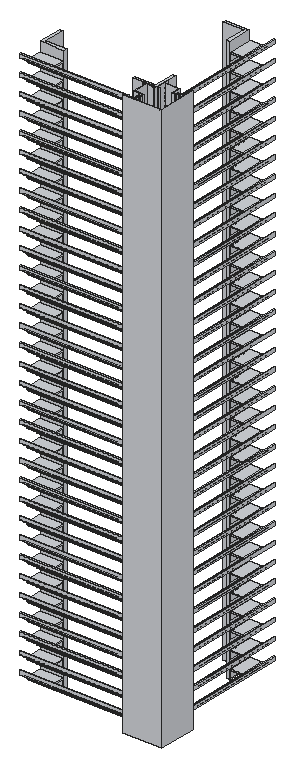
Revit family "ES-EL-2 (Box Corner)", category Mechanical Equipment, Revit 2015 (continued)
Automatic sketch dimensions
  Extrusion 26 sketch curve to Extrusion 26 sketch curve = 0' - 0.06947"
  Extrusion 26 sketch curve to Extrusion 26 sketch curve = 0' - 0.00615"
  Extrusion 26 sketch curve to Extrusion 26 sketch curve = 0' - 0.0107"
  Extrusion 26 sketch curve to Extrusion 26 sketch curve = 0' - 0.06383"
  Extrusion 26 sketch curve to Extrusion 26 sketch curve = 0' - 0.00524"
  Extrusion 26 sketch curve to Extrusion 26 sketch curve = 0' - 0.05333"
  Extrusion 26 sketch curve to Extrusion 26 sketch curve = 0' - 0.02167"
  Extrusion 26 sketch curve to Extrusion 26 sketch curve = 0' - 0.06255"
  Extrusion 26 sketch curve to Extrusion 26 sketch curve = 0' - 0.01996"
  Extrusion 26 sketch curve to Extrusion 26 sketch curve = 0' - 0.07389"
  Extrusion 26 sketch curve to Extrusion 26 sketch curve = 0' - 0.08882"
  Extrusion 26 sketch curve to Extrusion 26 sketch curve = 0' - 0.14048"
  Extrusion 26 sketch curve to Extrusion 26 sketch curve = 0' - 0.07571"
  Extrusion 26 sketch curve to Extrusion 26 sketch curve = 0' - 0.01536"
  Extrusion 26 sketch curve to Extrusion 26 sketch curve = 0' - 0.04056"
  Extrusion 26 sketch curve to Extrusion 26 sketch curve = 0' - 0.01509"
  Extrusion 26 sketch curve to Extrusion 26 sketch curve = 0' - 0.03469"
  Extrusion 26 sketch curve to Extrusion 26 sketch curve = 0' - 0.06126"
  Extrusion 26 sketch curve to Extrusion 26 sketch curve = 0' - 0.11488"
  Extrusion 26 sketch curve to Extrusion 26 sketch curve = 0' - 0.04313"
  Extrusion 26 sketch curve to Extrusion 26 sketch curve = 0' - 0.03758"
  Extrusion 26 sketch curve to Extrusion 26 sketch curve = 0' - 0.00683"
  Extrusion 26 sketch curve to Extrusion 26 sketch curve = 0' - 0.05466"
  Extrusion 26 sketch curve to Extrusion 26 sketch curve = 0' - 0.08634"
  Extrusion 26 sketch curve to Extrusion 26 sketch curve = 0' - 0.0603"
  Extrusion 26 sketch curve to Extrusion 26 sketch curve = 0' - 0.05923"
  Extrusion 26 sketch curve to Extrusion 26 sketch curve = 0' - 0.03824"
  Extrusion 26 sketch curve to Extrusion 26 sketch curve = 0' - 0.02856"
  Extrusion 26 sketch curve to Extrusion 26 sketch curve = 0' - 0.01716"
  Extrusion 26 sketch curve to Extrusion 26 sketch curve = 0' - 0.08747"
  Extrusion 26 sketch curve to Extrusion 26 sketch curve = 0' - 0.01878"
  Extrusion 26 sketch curve to Extrusion 26 sketch curve = 0' - 0.03113"
  Extrusion 26 sketch curve to Extrusion 26 sketch curve = 0' - 0.06323"
  Extrusion 26 sketch curve to Extrusion 26 sketch curve = 0' - 0.04564"
  Extrusion 26 sketch curve to Extrusion 26 sketch curve = 0' - 0.03681"
  Extrusion 26 sketch curve to Extrusion 26 sketch curve = 0' - 0.00656"
  Extrusion 26 sketch curve to Extrusion 26 sketch curve = 0' - 0.04106"
  Extrusion 26 sketch curve to Extrusion 26 sketch curve = 0' - 0.04775"
  Extrusion 26 sketch curve to Extrusion 26 sketch curve = 0' - 0.03768"
  Extrusion 26 sketch curve to Extrusion 26 sketch curve = 0' - 0.03841"
  Extrusion 26 sketch curve to Extrusion 26 sketch curve = 0' - 0.03993"
  Extrusion 26 sketch curve to Extrusion 26 sketch curve = 0' - 0.01637"
  Extrusion 26 sketch curve to Extrusion 26 sketch curve = 0' - 0 1/8"
  Extrusion 26 sketch curve to Extrusion 26 sketch curve = 0' - 0.03201"
  Extrusion 26 sketch curve to Extrusion 26 sketch curve = 0' - 0.01218"
  Extrusion 26 sketch curve to Extrusion 26 sketch curve = 0' - 0.00093"
  Extrusion 26 sketch curve to Extrusion 26 sketch curve = 0' - 0.06293"
  Extrusion 26 sketch curve to Extrusion 26 sketch curve = 0' - 0.01359"
  Extrusion 26 sketch curve to Extrusion 26 sketch curve = 0' - 0.06169"
  Extrusion 26 sketch curve to Extrusion 26 sketch curve = 0' - 0.06257"
  Extrusion 26 sketch curve to Extrusion 26 sketch curve = 0' - 0.20021"
  Extrusion 26 sketch curve to Extrusion 26 sketch curve = 0' - 0.05817"
  Extrusion 26 sketch curve to Extrusion 26 sketch curve = 0' - 0.10469"
  Extrusion 26 sketch curve to Extrusion 26 sketch curve = 0' - 0.03118"
  Extrusion 26 sketch curve to Extrusion 26 sketch curve = 0' - 0.14616"
  Extrusion 26 sketch curve to Extrusion 26 sketch curve = 0' - 0.04871"
  Extrusion 26 sketch curve to Extrusion 26 sketch curve = 0' - 0.05895"
  Extrusion 26 sketch curve to Extrusion 26 sketch curve = 0' - 0.04592"
  Extrusion 26 sketch curve to Extrusion 26 sketch curve = 0' - 0.05389"
  Extrusion 26 sketch curve to Extrusion 26 sketch curve = 0' - 0.04285"
  Extrusion 26 sketch curve to Extrusion 26 sketch curve = 0' - 0.07088"
  Extrusion 26 sketch curve to Extrusion 26 sketch curve = 0' - 0.11395"
  Extrusion 26 sketch curve to Extrusion 26 sketch curve = 0' - 0.28177"
  Extrusion 27 sketch curve to Extrusion 27 sketch curve = 0' - 0.059"
  Extrusion 27 sketch curve to Extrusion 27 sketch curve = 0' - 0.09455"
  Extrusion 27 sketch curve to Extrusion 27 sketch curve = 0' - 0.16713"
  Extrusion 27 sketch curve to Extrusion 27 sketch curve = 0' - 0.10396"
  Extrusion 27 sketch curve to Extrusion 27 sketch curve = 0' - 0.04188"
  Extrusion 27 sketch curve to Extrusion 27 sketch curve = 0' - 0.07328"
  Extrusion 27 sketch curve to Extrusion 27 sketch curve = 0' - 0.03705"
  Extrusion 27 sketch curve to Extrusion 27 sketch curve = 0' - 0.06678"
  Extrusion 27 sketch curve to Extrusion 27 sketch curve = 0' - 0.03441"
  Extrusion 27 sketch curve to Extrusion 27 sketch curve = 0' - 0.08971"
  Extrusion 27 sketch curve to Extrusion 27 sketch curve = 0' - 0.06591"
  Extrusion 27 sketch curve to Extrusion 27 sketch curve = 0' - 0.02101"
  Extrusion 27 sketch curve to Extrusion 27 sketch curve = 0' - 0.08093"
  Extrusion 27 sketch curve to Extrusion 27 sketch curve = 0' - 0.0092"
  Extrusion 27 sketch curve to Extrusion 27 sketch curve = 0' - 0.0249"
  Extrusion 27 sketch curve to Extrusion 27 sketch curve = 0' - 0.04679"
  Extrusion 27 sketch curve to Extrusion 27 sketch curve = 0' - 0.04475"
  Extrusion 27 sketch curve to Extrusion 27 sketch curve = 0' - 0.03472"
  Extrusion 27 sketch curve to Extrusion 27 sketch curve = 0' - 0.04794"
  Extrusion 27 sketch curve to Extrusion 27 sketch curve = 0' - 0.09251"
  Extrusion 27 sketch curve to Extrusion 27 sketch curve = 0' - 0.01641"
  Extrusion 27 sketch curve to Extrusion 27 sketch curve = 0' - 0.10787"
  Extrusion 27 sketch curve to Extrusion 27 sketch curve = 0' - 0.07052"
  Extrusion 27 sketch curve to Extrusion 27 sketch curve = 0' - 0.02971"
  Extrusion 27 sketch curve to Extrusion 27 sketch curve = 0' - 0.03652"
  Extrusion 27 sketch curve to Extrusion 27 sketch curve = 0' - 0.06407"
  Extrusion 27 sketch curve to Extrusion 27 sketch curve = 0' - 0.0028"
  Extrusion 27 sketch curve to Extrusion 27 sketch curve = 0' - 0.17908"
  Extrusion 27 sketch curve to Extrusion 27 sketch curve = 0' - 0.0484"
  Extrusion 27 sketch curve to Extrusion 27 sketch curve = 0' - 0.00685"
  Extrusion 27 sketch curve to Extrusion 27 sketch curve = 0' - 0.02635"
  Extrusion 27 sketch curve to Extrusion 27 sketch curve = 0' - 0.03989"
  Extrusion 27 sketch curve to Extrusion 27 sketch curve = 0' - 0.07851"
  Extrusion 27 sketch curve to Extrusion 27 sketch curve = 0' - 0.04274"
  Extrusion 27 sketch curve to Extrusion 27 sketch curve = 0' - 0.05351"
  Extrusion 27 sketch curve to Extrusion 27 sketch curve = 0' - 0.13725"
  Extrusion 27 sketch curve to Extrusion 27 sketch curve = 0' - 0.01694"
  Extrusion 27 sketch curve to Extrusion 27 sketch curve = 0' - 0.06256"
  Extrusion 27 sketch curve to Extrusion 27 sketch curve = 0' - 0.06379"
  Extrusion 27 sketch curve to Extrusion 27 sketch curve = 0' - 0.06947"
  Extrusion 27 sketch curve to Extrusion 27 sketch curve = 0' - 0.00615"
  Extrusion 27 sketch curve to Extrusion 27 sketch curve = 0' - 0.0107"
  Extrusion 27 sketch curve to Extrusion 27 sketch curve = 0' - 0.06383"
  Extrusion 27 sketch curve to Extrusion 27 sketch curve = 0' - 0.00524"
  Extrusion 27 sketch curve to Extrusion 27 sketch curve = 0' - 0.05333"
  Extrusion 27 sketch curve to Extrusion 27 sketch curve = 0' - 0.02167"
  Extrusion 27 sketch curve to Extrusion 27 sketch curve = 0' - 0.06255"
  Extrusion 27 sketch curve to Extrusion 27 sketch curve = 0' - 0.01996"
  Extrusion 27 sketch curve to Extrusion 27 sketch curve = 0' - 0.07389"
  Extrusion 27 sketch curve to Extrusion 27 sketch curve = 0' - 0.08882"
  Extrusion 27 sketch curve to Extrusion 27 sketch curve = 0' - 0.14048"
  Extrusion 27 sketch curve to Extrusion 27 sketch curve = 0' - 0.07571"
  Extrusion 27 sketch curve to Extrusion 27 sketch curve = 0' - 0.01536"
  Extrusion 27 sketch curve to Extrusion 27 sketch curve = 0' - 0.04056"
  Extrusion 27 sketch curve to Extrusion 27 sketch curve = 0' - 0.01509"
  Extrusion 27 sketch curve to Extrusion 27 sketch curve = 0' - 0.03469"
  Extrusion 27 sketch curve to Extrusion 27 sketch curve = 0' - 0.06126"
  Extrusion 27 sketch curve to Extrusion 27 sketch curve = 0' - 0.11488"
  Extrusion 27 sketch curve to Extrusion 27 sketch curve = 0' - 0.04313"
  Extrusion 27 sketch curve to Extrusion 27 sketch curve = 0' - 0.03758"
  Extrusion 27 sketch curve to Extrusion 27 sketch curve = 0' - 0.00683"
  Extrusion 27 sketch curve to Extrusion 27 sketch curve = 0' - 0.05466"
  Extrusion 27 sketch curve to Extrusion 27 sketch curve = 0' - 0.08634"
  Extrusion 27 sketch curve to Extrusion 27 sketch curve = 0' - 0.0603"
  Extrusion 27 sketch curve to Extrusion 27 sketch curve = 0' - 0.05923"
  Extrusion 27 sketch curve to Extrusion 27 sketch curve = 0' - 0.03824"
  Extrusion 27 sketch curve to Extrusion 27 sketch curve = 0' - 0.02856"
  Extrusion 27 sketch curve to Extrusion 27 sketch curve = 0' - 0.01716"
  Extrusion 27 sketch curve to Extrusion 27 sketch curve = 0' - 0.08747"
  Extrusion 27 sketch curve to Extrusion 27 sketch curve = 0' - 0.01878"
  Extrusion 27 sketch curve to Extrusion 27 sketch curve = 0' - 0.03113"
  Extrusion 27 sketch curve to Extrusion 27 sketch curve = 0' - 0.06323"
  Extrusion 27 sketch curve to Extrusion 27 sketch curve = 0' - 0.04564"
  Extrusion 27 sketch curve to Extrusion 27 sketch curve = 0' - 0.03681"
  Extrusion 27 sketch curve to Extrusion 27 sketch curve = 0' - 0.00656"
  Extrusion 27 sketch curve to Extrusion 27 sketch curve = 0' - 0.04106"
  Extrusion 27 sketch curve to Extrusion 27 sketch curve = 0' - 0.04775"
  Extrusion 27 sketch curve to Extrusion 27 sketch curve = 0' - 0.03768"
  Extrusion 27 sketch curve to Extrusion 27 sketch curve = 0' - 0.03841"
  Extrusion 27 sketch curve to Extrusion 27 sketch curve = 0' - 0.03993"
  Extrusion 27 sketch curve to Extrusion 27 sketch curve = 0' - 0.01637"
  Extrusion 27 sketch curve to Extrusion 27 sketch curve = 0' - 0 1/8"
  Extrusion 27 sketch curve to Extrusion 27 sketch curve = 0' - 0.03201"
  Extrusion 27 sketch curve to Extrusion 27 sketch curve = 0' - 0.01218"
  Extrusion 27 sketch curve to Extrusion 27 sketch curve = 0' - 0.00093"
  Extrusion 27 sketch curve to Extrusion 27 sketch curve = 0' - 0.06293"
  Extrusion 27 sketch curve to Extrusion 27 sketch curve = 0' - 0.01359"
  Extrusion 27 sketch curve to Extrusion 27 sketch curve = 0' - 0.06169"
  Extrusion 27 sketch curve to Extrusion 27 sketch curve = 0' - 0.06257"
  Extrusion 27 sketch curve to Extrusion 27 sketch curve = 0' - 0.20021"
  Extrusion 27 sketch curve to Extrusion 27 sketch curve = 0' - 0.05817"
  Extrusion 27 sketch curve to Extrusion 27 sketch curve = 0' - 0.10469"
  Extrusion 27 sketch curve to Extrusion 27 sketch curve = 0' - 0.03118"
  Extrusion 27 sketch curve to Extrusion 27 sketch curve = 0' - 0.14616"
  Extrusion 27 sketch curve to Extrusion 27 sketch curve = 0' - 0.04871"
  Extrusion 27 sketch curve to Extrusion 27 sketch curve = 0' - 0.05895"
  Extrusion 27 sketch curve to Extrusion 27 sketch curve = 0' - 0.04592"
  Extrusion 27 sketch curve to Extrusion 27 sketch curve = 0' - 0.05389"
  Extrusion 27 sketch curve to Extrusion 27 sketch curve = 0' - 0.04285"
  Extrusion 27 sketch curve to Extrusion 27 sketch curve = 0' - 0.07088"
  Extrusion 27 sketch curve to Extrusion 27 sketch curve = 0' - 0.11395"
  Extrusion 27 sketch curve to Extrusion 27 sketch curve = 0' - 0.28177"
  Extrusion 28 sketch curve to Extrusion 28 sketch curve = 0' - 0.059"
  Extrusion 28 sketch curve to Extrusion 28 sketch curve = 0' - 0.09455"
  Extrusion 28 sketch curve to Extrusion 28 sketch curve = 0' - 0.16713"
  Extrusion 28 sketch curve to Extrusion 28 sketch curve = 0' - 0.10396"
  Extrusion 28 sketch curve to Extrusion 28 sketch curve = 0' - 0.04188"
  Extrusion 28 sketch curve to Extrusion 28 sketch curve = 0' - 0.07328"
  Extrusion 28 sketch curve to Extrusion 28 sketch curve = 0' - 0.03705"
  Extrusion 28 sketch curve to Extrusion 28 sketch curve = 0' - 0.06678"
  Extrusion 28 sketch curve to Extrusion 28 sketch curve = 0' - 0.03441"
  Extrusion 28 sketch curve to Extrusion 28 sketch curve = 0' - 0.08971"
  Extrusion 28 sketch curve to Extrusion 28 sketch curve = 0' - 0.06591"
  Extrusion 28 sketch curve to Extrusion 28 sketch curve = 0' - 0.02101"
  Extrusion 28 sketch curve to Extrusion 28 sketch curve = 0' - 0.08093"
  Extrusion 28 sketch curve to Extrusion 28 sketch curve = 0' - 0.0092"
  Extrusion 28 sketch curve to Extrusion 28 sketch curve = 0' - 0.0249"
  Extrusion 28 sketch curve to Extrusion 28 sketch curve = 0' - 0.04679"
  Extrusion 28 sketch curve to Extrusion 28 sketch curve = 0' - 0.04475"
  Extrusion 28 sketch curve to Extrusion 28 sketch curve = 0' - 0.03472"
  Extrusion 28 sketch curve to Extrusion 28 sketch curve = 0' - 0.04794"
  Extrusion 28 sketch curve to Extrusion 28 sketch curve = 0' - 0.09251"
  Extrusion 28 sketch curve to Extrusion 28 sketch curve = 0' - 0.01641"
  Extrusion 28 sketch curve to Extrusion 28 sketch curve = 0' - 0.10787"
  Extrusion 28 sketch curve to Extrusion 28 sketch curve = 0' - 0.07052"
  Extrusion 28 sketch curve to Extrusion 28 sketch curve = 0' - 0.02971"
  Extrusion 28 sketch curve to Extrusion 28 sketch curve = 0' - 0.03652"
  Extrusion 28 sketch curve to Extrusion 28 sketch curve = 0' - 0.06407"
  Extrusion 28 sketch curve to Extrusion 28 sketch curve = 0' - 0.0028"
  Extrusion 28 sketch curve to Extrusion 28 sketch curve = 0' - 0.17908"
  Extrusion 28 sketch curve to Extrusion 28 sketch curve = 0' - 0.0484"
  Extrusion 28 sketch curve to Extrusion 28 sketch curve = 0' - 0.00685"
  Extrusion 28 sketch curve to Extrusion 28 sketch curve = 0' - 0.02635"
  Extrusion 28 sketch curve to Extrusion 28 sketch curve = 0' - 0.03989"
  Extrusion 28 sketch curve to Extrusion 28 sketch curve = 0' - 0.07851"
  Extrusion 28 sketch curve to Extrusion 28 sketch curve = 0' - 0.04274"
  Extrusion 28 sketch curve to Extrusion 28 sketch curve = 0' - 0.05351"
  Extrusion 28 sketch curve to Extrusion 28 sketch curve = 0' - 0.13725"
  Extrusion 28 sketch curve to Extrusion 28 sketch curve = 0' - 0.01694"
  Extrusion 28 sketch curve to Extrusion 28 sketch curve = 0' - 0.06256"
  Extrusion 28 sketch curve to Extrusion 28 sketch curve = 0' - 0.06379"
  Extrusion 28 sketch curve to Extrusion 28 sketch curve = 0' - 0.06947"
  Extrusion 28 sketch curve to Extrusion 28 sketch curve = 0' - 0.00615"
  Extrusion 28 sketch curve to Extrusion 28 sketch curve = 0' - 0.0107"
  Extrusion 28 sketch curve to Extrusion 28 sketch curve = 0' - 0.06383"
  Extrusion 28 sketch curve to Extrusion 28 sketch curve = 0' - 0.00524"
  Extrusion 28 sketch curve to Extrusion 28 sketch curve = 0' - 0.05333"
  Extrusion 28 sketch curve to Extrusion 28 sketch curve = 0' - 0.02167"
  Extrusion 28 sketch curve to Extrusion 28 sketch curve = 0' - 0.06255"
  Extrusion 28 sketch curve to Extrusion 28 sketch curve = 0' - 0.01996"
  Extrusion 28 sketch curve to Extrusion 28 sketch curve = 0' - 0.07389"
  Extrusion 28 sketch curve to Extrusion 28 sketch curve = 0' - 0.08882"
  Extrusion 28 sketch curve to Extrusion 28 sketch curve = 0' - 0.14048"
  Extrusion 28 sketch curve to Extrusion 28 sketch curve = 0' - 0.07571"
  Extrusion 28 sketch curve to Extrusion 28 sketch curve = 0' - 0.01536"
  Extrusion 28 sketch curve to Extrusion 28 sketch curve = 0' - 0.04056"
  Extrusion 28 sketch curve to Extrusion 28 sketch curve = 0' - 0.01509"
  Extrusion 28 sketch curve to Extrusion 28 sketch curve = 0' - 0.03469"
  Extrusion 28 sketch curve to Extrusion 28 sketch curve = 0' - 0.06126"
  Extrusion 28 sketch curve to Extrusion 28 sketch curve = 0' - 0.11488"
  Extrusion 28 sketch curve to Extrusion 28 sketch curve = 0' - 0.04313"
  Extrusion 28 sketch curve to Extrusion 28 sketch curve = 0' - 0.03758"
  Extrusion 28 sketch curve to Extrusion 28 sketch curve = 0' - 0.00683"
  Extrusion 28 sketch curve to Extrusion 28 sketch curve = 0' - 0.05466"
  Extrusion 28 sketch curve to Extrusion 28 sketch curve = 0' - 0.08634"
  Extrusion 28 sketch curve to Extrusion 28 sketch curve = 0' - 0.0603"
  Extrusion 28 sketch curve to Extrusion 28 sketch curve = 0' - 0.05923"
  Extrusion 28 sketch curve to Extrusion 28 sketch curve = 0' - 0.03824"
  Extrusion 28 sketch curve to Extrusion 28 sketch curve = 0' - 0.02856"
  Extrusion 28 sketch curve to Extrusion 28 sketch curve = 0' - 0.01716"
  Extrusion 28 sketch curve to Extrusion 28 sketch curve = 0' - 0.08747"
  Extrusion 28 sketch curve to Extrusion 28 sketch curve = 0' - 0.01878"
  Extrusion 28 sketch curve to Extrusion 28 sketch curve = 0' - 0.03113"
  Extrusion 28 sketch curve to Extrusion 28 sketch curve = 0' - 0.06323"
  Extrusion 28 sketch curve to Extrusion 28 sketch curve = 0' - 0.04564"
  Extrusion 28 sketch curve to Extrusion 28 sketch curve = 0' - 0.03681"
  Extrusion 28 sketch curve to Extrusion 28 sketch curve = 0' - 0.00656"
  Extrusion 28 sketch curve to Extrusion 28 sketch curve = 0' - 0.04106"
  Extrusion 28 sketch curve to Extrusion 28 sketch curve = 0' - 0.04775"
  Extrusion 28 sketch curve to Extrusion 28 sketch curve = 0' - 0.03768"
  Extrusion 28 sketch curve to Extrusion 28 sketch curve = 0' - 0.03841"
  Extrusion 28 sketch curve to Extrusion 28 sketch curve = 0' - 0.03993"
  Extrusion 28 sketch curve to Extrusion 28 sketch curve = 0' - 0.01637"
  Extrusion 28 sketch curve to Extrusion 28 sketch curve = 0' - 0 1/8"
  Extrusion 28 sketch curve to Extrusion 28 sketch curve = 0' - 0.03201"
  Extrusion 28 sketch curve to Extrusion 28 sketch curve = 0' - 0.01218"
  Extrusion 28 sketch curve to Extrusion 28 sketch curve = 0' - 0.00093"
  Extrusion 28 sketch curve to Extrusion 28 sketch curve = 0' - 0.06293"
  Extrusion 28 sketch curve to Extrusion 28 sketch curve = 0' - 0.01359"
  Extrusion 28 sketch curve to Extrusion 28 sketch curve = 0' - 0.06169"
  Extrusion 28 sketch curve to Extrusion 28 sketch curve = 0' - 0.06257"
  Extrusion 28 sketch curve to Extrusion 28 sketch curve = 0' - 0.20021"
  Extrusion 28 sketch curve to Extrusion 28 sketch curve = 0' - 0.05817"
  Extrusion 28 sketch curve to Extrusion 28 sketch curve = 0' - 0.10469"
  Extrusion 28 sketch curve to Extrusion 28 sketch curve = 0' - 0.03118"
  Extrusion 28 sketch curve to Extrusion 28 sketch curve = 0' - 0.14616"
  Extrusion 28 sketch curve to Extrusion 28 sketch curve = 0' - 0.04871"
  Extrusion 28 sketch curve to Extrusion 28 sketch curve = 0' - 0.05895"
  Extrusion 28 sketch curve to Extrusion 28 sketch curve = 0' - 0.04592"
  Extrusion 28 sketch curve to Extrusion 28 sketch curve = 0' - 0.05389"
  Extrusion 28 sketch curve to Extrusion 28 sketch curve = 0' - 0.04285"
  Extrusion 28 sketch curve to Extrusion 28 sketch curve = 0' - 0.07088"
  Extrusion 28 sketch curve to Extrusion 28 sketch curve = 0' - 0.11395"
  Extrusion 28 sketch curve to Extrusion 28 sketch curve = 0' - 0.28177"
  Extrusion 29 sketch curve to Extrusion 29 sketch curve = 0' - 0.059"
  Extrusion 29 sketch curve to Extrusion 29 sketch curve = 0' - 0.09455"
  Extrusion 29 sketch curve to Extrusion 29 sketch curve = 0' - 0.16713"
  Extrusion 29 sketch curve to Extrusion 29 sketch curve = 0' - 0.10396"
  Extrusion 29 sketch curve to Extrusion 29 sketch curve = 0' - 0.04188"
  Extrusion 29 sketch curve to Extrusion 29 sketch curve = 0' - 0.07328"
  Extrusion 29 sketch curve to Extrusion 29 sketch curve = 0' - 0.03705"
  Extrusion 29 sketch curve to Extrusion 29 sketch curve = 0' - 0.06678"
  Extrusion 29 sketch curve to Extrusion 29 sketch curve = 0' - 0.03441"
  Extrusion 29 sketch curve to Extrusion 29 sketch curve = 0' - 0.08971"
  Extrusion 29 sketch curve to Extrusion 29 sketch curve = 0' - 0.06591"
  Extrusion 29 sketch curve to Extrusion 29 sketch curve = 0' - 0.02101"
  Extrusion 29 sketch curve to Extrusion 29 sketch curve = 0' - 0.08093"
  Extrusion 29 sketch curve to Extrusion 29 sketch curve = 0' - 0.0092"
  Extrusion 29 sketch curve to Extrusion 29 sketch curve = 0' - 0.0249"
  Extrusion 29 sketch curve to Extrusion 29 sketch curve = 0' - 0.04679"
  Extrusion 29 sketch curve to Extrusion 29 sketch curve = 0' - 0.04475"
  Extrusion 29 sketch curve to Extrusion 29 sketch curve = 0' - 0.03472"
  Extrusion 29 sketch curve to Extrusion 29 sketch curve = 0' - 0.04794"
  Extrusion 29 sketch curve to Extrusion 29 sketch curve = 0' - 0.09251"
  Extrusion 29 sketch curve to Extrusion 29 sketch curve = 0' - 0.01641"
  Extrusion 29 sketch curve to Extrusion 29 sketch curve = 0' - 0.10787"
  Extrusion 29 sketch curve to Extrusion 29 sketch curve = 0' - 0.07052"
  Extrusion 29 sketch curve to Extrusion 29 sketch curve = 0' - 0.02971"
  Extrusion 29 sketch curve to Extrusion 29 sketch curve = 0' - 0.03652"
  Extrusion 29 sketch curve to Extrusion 29 sketch curve = 0' - 0.06407"
  Extrusion 29 sketch curve to Extrusion 29 sketch curve = 0' - 0.0028"
  Extrusion 29 sketch curve to Extrusion 29 sketch curve = 0' - 0.17908"
  Extrusion 29 sketch curve to Extrusion 29 sketch curve = 0' - 0.0484"
  Extrusion 29 sketch curve to Extrusion 29 sketch curve = 0' - 0.00685"
  Extrusion 29 sketch curve to Extrusion 29 sketch curve = 0' - 0.02635"
  Extrusion 29 sketch curve to Extrusion 29 sketch curve = 0' - 0.03989"
  Extrusion 29 sketch curve to Extrusion 29 sketch curve = 0' - 0.07851"
  Extrusion 29 sketch curve to Extrusion 29 sketch curve = 0' - 0.04274"
  Extrusion 29 sketch curve to Extrusion 29 sketch curve = 0' - 0.05351"
  Extrusion 29 sketch curve to Extrusion 29 sketch curve = 0' - 0.13725"
  Extrusion 29 sketch curve to Extrusion 29 sketch curve = 0' - 0.01694"
  Extrusion 29 sketch curve to Extrusion 29 sketch curve = 0' - 0.06256"
  Extrusion 29 sketch curve to Extrusion 29 sketch curve = 0' - 0.06379"
  Extrusion 29 sketch curve to Extrusion 29 sketch curve = 0' - 0.06947"
  Extrusion 29 sketch curve to Extrusion 29 sketch curve = 0' - 0.00615"
  Extrusion 29 sketch curve to Extrusion 29 sketch curve = 0' - 0.0107"
  Extrusion 29 sketch curve to Extrusion 29 sketch curve = 0' - 0.06383"
  Extrusion 29 sketch curve to Extrusion 29 sketch curve = 0' - 0.00524"
  Extrusion 29 sketch curve to Extrusion 29 sketch curve = 0' - 0.05333"
  Extrusion 29 sketch curve to Extrusion 29 sketch curve = 0' - 0.02167"
  Extrusion 29 sketch curve to Extrusion 29 sketch curve = 0' - 0.06255"
  Extrusion 29 sketch curve to Extrusion 29 sketch curve = 0' - 0.01996"
  Extrusion 29 sketch curve to Extrusion 29 sketch curve = 0' - 0.07389"
  Extrusion 29 sketch curve to Extrusion 29 sketch curve = 0' - 0.08882"
  Extrusion 29 sketch curve to Extrusion 29 sketch curve = 0' - 0.14048"
  Extrusion 29 sketch curve to Extrusion 29 sketch curve = 0' - 0.07571"
  Extrusion 29 sketch curve to Extrusion 29 sketch curve = 0' - 0.01536"
  Extrusion 29 sketch curve to Extrusion 29 sketch curve = 0' - 0.04056"
  Extrusion 29 sketch curve to Extrusion 29 sketch curve = 0' - 0.01509"
  Extrusion 29 sketch curve to Extrusion 29 sketch curve = 0' - 0.03469"
  Extrusion 29 sketch curve to Extrusion 29 sketch curve = 0' - 0.06126"
  Extrusion 29 sketch curve to Extrusion 29 sketch curve = 0' - 0.11488"
  Extrusion 29 sketch curve to Extrusion 29 sketch curve = 0' - 0.04313"
  Extrusion 29 sketch curve to Extrusion 29 sketch curve = 0' - 0.03758"
  Extrusion 29 sketch curve to Extrusion 29 sketch curve = 0' - 0.00683"
  Extrusion 29 sketch curve to Extrusion 29 sketch curve = 0' - 0.05466"
  Extrusion 29 sketch curve to Extrusion 29 sketch curve = 0' - 0.08634"
  Extrusion 29 sketch curve to Extrusion 29 sketch curve = 0' - 0.0603"
  Extrusion 29 sketch curve to Extrusion 29 sketch curve = 0' - 0.05923"
  Extrusion 29 sketch curve to Extrusion 29 sketch curve = 0' - 0.03824"
  Extrusion 29 sketch curve to Extrusion 29 sketch curve = 0' - 0.02856"
  Extrusion 29 sketch curve to Extrusion 29 sketch curve = 0' - 0.01716"
  Extrusion 29 sketch curve to Extrusion 29 sketch curve = 0' - 0.08747"
  Extrusion 29 sketch curve to Extrusion 29 sketch curve = 0' - 0.01878"
  Extrusion 29 sketch curve to Extrusion 29 sketch curve = 0' - 0.03113"
  Extrusion 29 sketch curve to Extrusion 29 sketch curve = 0' - 0.06323"
  Extrusion 29 sketch curve to Extrusion 29 sketch curve = 0' - 0.04564"
  Extrusion 29 sketch curve to Extrusion 29 sketch curve = 0' - 0.03681"
  Extrusion 29 sketch curve to Extrusion 29 sketch curve = 0' - 0.00656"
  Extrusion 29 sketch curve to Extrusion 29 sketch curve = 0' - 0.04106"
  Extrusion 29 sketch curve to Extrusion 29 sketch curve = 0' - 0.04775"
  Extrusion 29 sketch curve to Extrusion 29 sketch curve = 0' - 0.03768"
  Extrusion 29 sketch curve to Extrusion 29 sketch curve = 0' - 0.03841"
  Extrusion 29 sketch curve to Extrusion 29 sketch curve = 0' - 0.03993"
  Extrusion 29 sketch curve to Extrusion 29 sketch curve = 0' - 0.01637"
  Extrusion 29 sketch curve to Extrusion 29 sketch curve = 0' - 0 1/8"
  Extrusion 29 sketch curve to Extrusion 29 sketch curve = 0' - 0.03201"
  Extrusion 29 sketch curve to Extrusion 29 sketch curve = 0' - 0.01218"
  Extrusion 29 sketch curve to Extrusion 29 sketch curve = 0' - 0.00093"
  Extrusion 29 sketch curve to Extrusion 29 sketch curve = 0' - 0.06293"
  Extrusion 29 sketch curve to Extrusion 29 sketch curve = 0' - 0.01359"
  Extrusion 29 sketch curve to Extrusion 29 sketch curve = 0' - 0.06169"
  Extrusion 29 sketch curve to Extrusion 29 sketch curve = 0' - 0.06257"
  Extrusion 29 sketch curve to Extrusion 29 sketch curve = 0' - 0.20021"
  Extrusion 29 sketch curve to Extrusion 29 sketch curve = 0' - 0.05817"
  Extrusion 29 sketch curve to Extrusion 29 sketch curve = 0' - 0.10469"
  Extrusion 29 sketch curve to Extrusion 29 sketch curve = 0' - 0.03118"
  Extrusion 29 sketch curve to Extrusion 29 sketch curve = 0' - 0.14616"
  Extrusion 29 sketch curve to Extrusion 29 sketch curve = 0' - 0.04871"
  Extrusion 29 sketch curve to Extrusion 29 sketch curve = 0' - 0.05895"
  Extrusion 29 sketch curve to Extrusion 29 sketch curve = 0' - 0.04592"
  Extrusion 29 sketch curve to Extrusion 29 sketch curve = 0' - 0.05389"
  Extrusion 29 sketch curve to Extrusion 29 sketch curve = 0' - 0.04285"
  Extrusion 29 sketch curve to Extrusion 29 sketch curve = 0' - 0.07088"
  Extrusion 29 sketch curve to Extrusion 29 sketch curve = 0' - 0.11395"
  Extrusion 29 sketch curve to Extrusion 29 sketch curve = 0' - 0.28177"
  Extrusion 30 sketch curve to Extrusion 30 sketch curve = 0' - 0.059"
  Extrusion 30 sketch curve to Extrusion 30 sketch curve = 0' - 0.09455"
  Extrusion 30 sketch curve to Extrusion 30 sketch curve = 0' - 0.16713"
  Extrusion 30 sketch curve to Extrusion 30 sketch curve = 0' - 0.10396"
  Extrusion 30 sketch curve to Extrusion 30 sketch curve = 0' - 0.04188"
  Extrusion 30 sketch curve to Extrusion 30 sketch curve = 0' - 0.07328"
  Extrusion 30 sketch curve to Extrusion 30 sketch curve = 0' - 0.03705"
  Extrusion 30 sketch curve to Extrusion 30 sketch curve = 0' - 0.06678"
  Extrusion 30 sketch curve to Extrusion 30 sketch curve = 0' - 0.03441"
  Extrusion 30 sketch curve to Extrusion 30 sketch curve = 0' - 0.08971"
  Extrusion 30 sketch curve to Extrusion 30 sketch curve = 0' - 0.06591"
  Extrusion 30 sketch curve to Extrusion 30 sketch curve = 0' - 0.02101"
  Extrusion 30 sketch curve to Extrusion 30 sketch curve = 0' - 0.08093"
  Extrusion 30 sketch curve to Extrusion 30 sketch curve = 0' - 0.0092"
  Extrusion 30 sketch curve to Extrusion 30 sketch curve = 0' - 0.0249"
  Extrusion 30 sketch curve to Extrusion 30 sketch curve = 0' - 0.04679"
  Extrusion 30 sketch curve to Extrusion 30 sketch curve = 0' - 0.04475"
  Extrusion 30 sketch curve to Extrusion 30 sketch curve = 0' - 0.03472"
  Extrusion 30 sketch curve to Extrusion 30 sketch curve = 0' - 0.04794"
  Extrusion 30 sketch curve to Extrusion 30 sketch curve = 0' - 0.09251"
  Extrusion 30 sketch curve to Extrusion 30 sketch curve = 0' - 0.01641"
  Extrusion 30 sketch curve to Extrusion 30 sketch curve = 0' - 0.10787"
  Extrusion 30 sketch curve to Extrusion 30 sketch curve = 0' - 0.07052"
  Extrusion 30 sketch curve to Extrusion 30 sketch curve = 0' - 0.02971"
  Extrusion 30 sketch curve to Extrusion 30 sketch curve = 0' - 0.03652"
  Extrusion 30 sketch curve to Extrusion 30 sketch curve = 0' - 0.06407"
  Extrusion 30 sketch curve to Extrusion 30 sketch curve = 0' - 0.0028"
  Extrusion 30 sketch curve to Extrusion 30 sketch curve = 0' - 0.17908"
  Extrusion 30 sketch curve to Extrusion 30 sketch curve = 0' - 0.0484"
  Extrusion 30 sketch curve to Extrusion 30 sketch curve = 0' - 0.00685"
  Extrusion 30 sketch curve to Extrusion 30 sketch curve = 0' - 0.02635"
  Extrusion 30 sketch curve to Extrusion 30 sketch curve = 0' - 0.03989"
  Extrusion 30 sketch curve to Extrusion 30 sketch curve = 0' - 0.07851"
  Extrusion 30 sketch curve to Extrusion 30 sketch curve = 0' - 0.04274"
  Extrusion 30 sketch curve to Extrusion 30 sketch curve = 0' - 0.05351"
  Extrusion 30 sketch curve to Extrusion 30 sketch curve = 0' - 0.13725"
  Extrusion 30 sketch curve to Extrusion 30 sketch curve = 0' - 0.01694"
  Extrusion 30 sketch curve to Extrusion 30 sketch curve = 0' - 0.06256"
  Extrusion 30 sketch curve to Extrusion 30 sketch curve = 0' - 0.06379"
  Extrusion 30 sketch curve to Extrusion 30 sketch curve = 0' - 0.06947"
  Extrusion 30 sketch curve to Extrusion 30 sketch curve = 0' - 0.00615"
  Extrusion 30 sketch curve to Extrusion 30 sketch curve = 0' - 0.0107"
  Extrusion 30 sketch curve to Extrusion 30 sketch curve = 0' - 0.06383"
  Extrusion 30 sketch curve to Extrusion 30 sketch curve = 0' - 0.00524"
  Extrusion 30 sketch curve to Extrusion 30 sketch curve = 0' - 0.05333"
  Extrusion 30 sketch curve to Extrusion 30 sketch curve = 0' - 0.02167"
  Extrusion 30 sketch curve to Extrusion 30 sketch curve = 0' - 0.06255"
  Extrusion 30 sketch curve to Extrusion 30 sketch curve = 0' - 0.01996"
  Extrusion 30 sketch curve to Extrusion 30 sketch curve = 0' - 0.07389"
  Extrusion 30 sketch curve to Extrusion 30 sketch curve = 0' - 0.08882"
  Extrusion 30 sketch curve to Extrusion 30 sketch curve = 0' - 0.14048"
  Extrusion 30 sketch curve to Extrusion 30 sketch curve = 0' - 0.07571"
  Extrusion 30 sketch curve to Extrusion 30 sketch curve = 0' - 0.01536"
  Extrusion 30 sketch curve to Extrusion 30 sketch curve = 0' - 0.04056"
  Extrusion 30 sketch curve to Extrusion 30 sketch curve = 0' - 0.01509"
  Extrusion 30 sketch curve to Extrusion 30 sketch curve = 0' - 0.03469"
  Extrusion 30 sketch curve to Extrusion 30 sketch curve = 0' - 0.06126"
  Extrusion 30 sketch curve to Extrusion 30 sketch curve = 0' - 0.11488"
  Extrusion 30 sketch curve to Extrusion 30 sketch curve = 0' - 0.04313"
  Extrusion 30 sketch curve to Extrusion 30 sketch curve = 0' - 0.03758"
  Extrusion 30 sketch curve to Extrusion 30 sketch curve = 0' - 0.00683"
  Extrusion 30 sketch curve to Extrusion 30 sketch curve = 0' - 0.05466"
  Extrusion 30 sketch curve to Extrusion 30 sketch curve = 0' - 0.08634"
  Extrusion 30 sketch curve to Extrusion 30 sketch curve = 0' - 0.0603"
  Extrusion 30 sketch curve to Extrusion 30 sketch curve = 0' - 0.05923"
  Extrusion 30 sketch curve to Extrusion 30 sketch curve = 0' - 0.03824"
  Extrusion 30 sketch curve to Extrusion 30 sketch curve = 0' - 0.02856"
  Extrusion 30 sketch curve to Extrusion 30 sketch curve = 0' - 0.01716"
  Extrusion 30 sketch curve to Extrusion 30 sketch curve = 0' - 0.08747"
  Extrusion 30 sketch curve to Extrusion 30 sketch curve = 0' - 0.01878"
  Extrusion 30 sketch curve to Extrusion 30 sketch curve = 0' - 0.03113"
  Extrusion 30 sketch curve to Extrusion 30 sketch curve = 0' - 0.06323"
  Extrusion 30 sketch curve to Extrusion 30 sketch curve = 0' - 0.04564"
  Extrusion 30 sketch curve to Extrusion 30 sketch curve = 0' - 0.03681"
  Extrusion 30 sketch curve to Extrusion 30 sketch curve = 0' - 0.00656"
  Extrusion 30 sketch curve to Extrusion 30 sketch curve = 0' - 0.04106"
  Extrusion 30 sketch curve to Extrusion 30 sketch curve = 0' - 0.04775"
  Extrusion 30 sketch curve to Extrusion 30 sketch curve = 0' - 0.03768"
  Extrusion 30 sketch curve to Extrusion 30 sketch curve = 0' - 0.03841"
  Extrusion 30 sketch curve to Extrusion 30 sketch curve = 0' - 0.03993"
  Extrusion 30 sketch curve to Extrusion 30 sketch curve = 0' - 0.01637"
  Extrusion 30 sketch curve to Extrusion 30 sketch curve = 0' - 0 1/8"
  Extrusion 30 sketch curve to Extrusion 30 sketch curve = 0' - 0.03201"
  Extrusion 30 sketch curve to Extrusion 30 sketch curve = 0' - 0.01218"
  Extrusion 30 sketch curve to Extrusion 30 sketch curve = 0' - 0.00093"
  Extrusion 30 sketch curve to Extrusion 30 sketch curve = 0' - 0.06293"
  Extrusion 30 sketch curve to Extrusion 30 sketch curve = 0' - 0.01359"
  Extrusion 30 sketch curve to Extrusion 30 sketch curve = 0' - 0.06169"
  Extrusion 30 sketch curve to Extrusion 30 sketch curve = 0' - 0.06257"
  Extrusion 30 sketch curve to Extrusion 30 sketch curve = 0' - 0.20021"
  Extrusion 30 sketch curve to Extrusion 30 sketch curve = 0' - 0.05817"
  Extrusion 30 sketch curve to Extrusion 30 sketch curve = 0' - 0.10469"
  Extrusion 30 sketch curve to Extrusion 30 sketch curve = 0' - 0.03118"
  Extrusion 30 sketch curve to Extrusion 30 sketch curve = 0' - 0.14616"
  Extrusion 30 sketch curve to Extrusion 30 sketch curve = 0' - 0.04871"
  Extrusion 30 sketch curve to Extrusion 30 sketch curve = 0' - 0.05895"
  Extrusion 30 sketch curve to Extrusion 30 sketch curve = 0' - 0.04592"
  Extrusion 30 sketch curve to Extrusion 30 sketch curve = 0' - 0.05389"
  Extrusion 30 sketch curve to Extrusion 30 sketch curve = 0' - 0.04285"
  Extrusion 30 sketch curve to Extrusion 30 sketch curve = 0' - 0.07088"
  Extrusion 30 sketch curve to Extrusion 30 sketch curve = 0' - 0.11395"
  Extrusion 30 sketch curve to Extrusion 30 sketch curve = 0' - 0.28177"
  Extrusion 31 sketch curve to Extrusion 31 sketch curve = 0' - 0.059"
  Extrusion 31 sketch curve to Extrusion 31 sketch curve = 0' - 0.09455"
  Extrusion 31 sketch curve to Extrusion 31 sketch curve = 0' - 0.16713"
  Extrusion 31 sketch curve to Extrusion 31 sketch curve = 0' - 0.10396"
  Extrusion 31 sketch curve to Extrusion 31 sketch curve = 0' - 0.04188"
  Extrusion 31 sketch curve to Extrusion 31 sketch curve = 0' - 0.07328"
  Extrusion 31 sketch curve to Extrusion 31 sketch curve = 0' - 0.03705"
  Extrusion 31 sketch curve to Extrusion 31 sketch curve = 0' - 0.06678"
  Extrusion 31 sketch curve to Extrusion 31 sketch curve = 0' - 0.03441"
  Extrusion 31 sketch curve to Extrusion 31 sketch curve = 0' - 0.08971"
  Extrusion 31 sketch curve to Extrusion 31 sketch curve = 0' - 0.06591"
  Extrusion 31 sketch curve to Extrusion 31 sketch curve = 0' - 0.02101"
  Extrusion 31 sketch curve to Extrusion 31 sketch curve = 0' - 0.08093"
  Extrusion 31 sketch curve to Extrusion 31 sketch curve = 0' - 0.0092"
  Extrusion 31 sketch curve to Extrusion 31 sketch curve = 0' - 0.0249"
  Extrusion 31 sketch curve to Extrusion 31 sketch curve = 0' - 0.04679"
  Extrusion 31 sketch curve to Extrusion 31 sketch curve = 0' - 0.04475"
  Extrusion 31 sketch curve to Extrusion 31 sketch curve = 0' - 0.03472"
  Extrusion 31 sketch curve to Extrusion 31 sketch curve = 0' - 0.04794"
  Extrusion 31 sketch curve to Extrusion 31 sketch curve = 0' - 0.09251"
  Extrusion 31 sketch curve to Extrusion 31 sketch curve = 0' - 0.01641"
  Extrusion 31 sketch curve to Extrusion 31 sketch curve = 0' - 0.10787"
  Extrusion 31 sketch curve to Extrusion 31 sketch curve = 0' - 0.07052"
  Extrusion 31 sketch curve to Extrusion 31 sketch curve = 0' - 0.02971"
  Extrusion 31 sketch curve to Extrusion 31 sketch curve = 0' - 0.03652"
  Extrusion 31 sketch curve to Extrusion 31 sketch curve = 0' - 0.06407"
  Extrusion 31 sketch curve to Extrusion 31 sketch curve = 0' - 0.0028"
  Extrusion 31 sketch curve to Extrusion 31 sketch curve = 0' - 0.17908"
  Extrusion 31 sketch curve to Extrusion 31 sketch curve = 0' - 0.0484"
  Extrusion 31 sketch curve to Extrusion 31 sketch curve = 0' - 0.00685"
  Extrusion 31 sketch curve to Extrusion 31 sketch curve = 0' - 0.02635"
  Extrusion 31 sketch curve to Extrusion 31 sketch curve = 0' - 0.03989"
  Extrusion 31 sketch curve to Extrusion 31 sketch curve = 0' - 0.07851"
  Extrusion 31 sketch curve to Extrusion 31 sketch curve = 0' - 0.04274"
  Extrusion 31 sketch curve to Extrusion 31 sketch curve = 0' - 0.05351"
  Extrusion 31 sketch curve to Extrusion 31 sketch curve = 0' - 0.13725"
  Extrusion 31 sketch curve to Extrusion 31 sketch curve = 0' - 0.01694"
  Extrusion 31 sketch curve to Extrusion 31 sketch curve = 0' - 0.06256"
  Extrusion 31 sketch curve to Extrusion 31 sketch curve = 0' - 0.06379"
  Extrusion 31 sketch curve to Extrusion 31 sketch curve = 0' - 0.06947"
  Extrusion 31 sketch curve to Extrusion 31 sketch curve = 0' - 0.00615"
  Extrusion 31 sketch curve to Extrusion 31 sketch curve = 0' - 0.0107"
  Extrusion 31 sketch curve to Extrusion 31 sketch curve = 0' - 0.06383"
  Extrusion 31 sketch curve to Extrusion 31 sketch curve = 0' - 0.00524"
  Extrusion 31 sketch curve to Extrusion 31 sketch curve = 0' - 0.05333"
  Extrusion 31 sketch curve to Extrusion 31 sketch curve = 0' - 0.02167"
  Extrusion 31 sketch curve to Extrusion 31 sketch curve = 0' - 0.06255"
  Extrusion 31 sketch curve to Extrusion 31 sketch curve = 0' - 0.01996"
  Extrusion 31 sketch curve to Extrusion 31 sketch curve = 0' - 0.07389"
  Extrusion 31 sketch curve to Extrusion 31 sketch curve = 0' - 0.08882"
  Extrusion 31 sketch curve to Extrusion 31 sketch curve = 0' - 0.14048"
  Extrusion 31 sketch curve to Extrusion 31 sketch curve = 0' - 0.07571"
  Extrusion 31 sketch curve to Extrusion 31 sketch curve = 0' - 0.01536"
  Extrusion 31 sketch curve to Extrusion 31 sketch curve = 0' - 0.04056"
  Extrusion 31 sketch curve to Extrusion 31 sketch curve = 0' - 0.01509"
  Extrusion 31 sketch curve to Extrusion 31 sketch curve = 0' - 0.03469"
  Extrusion 31 sketch curve to Extrusion 31 sketch curve = 0' - 0.06126"
  Extrusion 31 sketch curve to Extrusion 31 sketch curve = 0' - 0.11488"
  Extrusion 31 sketch curve to Extrusion 31 sketch curve = 0' - 0.04313"
  Extrusion 31 sketch curve to Extrusion 31 sketch curve = 0' - 0.03758"
  Extrusion 31 sketch curve to Extrusion 31 sketch curve = 0' - 0.00683"
  Extrusion 31 sketch curve to Extrusion 31 sketch curve = 0' - 0.05466"
  Extrusion 31 sketch curve to Extrusion 31 sketch curve = 0' - 0.08634"
  Extrusion 31 sketch curve to Extrusion 31 sketch curve = 0' - 0.0603"
  Extrusion 31 sketch curve to Extrusion 31 sketch curve = 0' - 0.05923"
  Extrusion 31 sketch curve to Extrusion 31 sketch curve = 0' - 0.03824"
  Extrusion 31 sketch curve to Extrusion 31 sketch curve = 0' - 0.02856"
  Extrusion 31 sketch curve to Extrusion 31 sketch curve = 0' - 0.01716"
  Extrusion 31 sketch curve to Extrusion 31 sketch curve = 0' - 0.08747"
  Extrusion 31 sketch curve to Extrusion 31 sketch curve = 0' - 0.01878"
  Extrusion 31 sketch curve to Extrusion 31 sketch curve = 0' - 0.03113"
  Extrusion 31 sketch curve to Extrusion 31 sketch curve = 0' - 0.06323"
  Extrusion 31 sketch curve to Extrusion 31 sketch curve = 0' - 0.04564"
  Extrusion 31 sketch curve to Extrusion 31 sketch curve = 0' - 0.03681"
  Extrusion 31 sketch curve to Extrusion 31 sketch curve = 0' - 0.00656"
  Extrusion 31 sketch curve to Extrusion 31 sketch curve = 0' - 0.04106"
  Extrusion 31 sketch curve to Extrusion 31 sketch curve = 0' - 0.04775"
  Extrusion 31 sketch curve to Extrusion 31 sketch curve = 0' - 0.03768"
  Extrusion 31 sketch curve to Extrusion 31 sketch curve = 0' - 0.03841"
  Extrusion 31 sketch curve to Extrusion 31 sketch curve = 0' - 0.03993"
  Extrusion 31 sketch curve to Extrusion 31 sketch curve = 0' - 0.01637"
  Extrusion 31 sketch curve to Extrusion 31 sketch curve = 0' - 0 1/8"
  Extrusion 31 sketch curve to Extrusion 31 sketch curve = 0' - 0.03201"
  Extrusion 31 sketch curve to Extrusion 31 sketch curve = 0' - 0.01218"
  Extrusion 31 sketch curve to Extrusion 31 sketch curve = 0' - 0.00093"
  Extrusion 31 sketch curve to Extrusion 31 sketch curve = 0' - 0.06293"
  Extrusion 31 sketch curve to Extrusion 31 sketch curve = 0' - 0.01359"
  Extrusion 31 sketch curve to Extrusion 31 sketch curve = 0' - 0.06169"
  Extrusion 31 sketch curve to Extrusion 31 sketch curve = 0' - 0.06257"
  Extrusion 31 sketch curve to Extrusion 31 sketch curve = 0' - 0.20021"
  Extrusion 31 sketch curve to Extrusion 31 sketch curve = 0' - 0.05817"
  Extrusion 31 sketch curve to Extrusion 31 sketch curve = 0' - 0.10469"
  Extrusion 31 sketch curve to Extrusion 31 sketch curve = 0' - 0.03118"
  Extrusion 31 sketch curve to Extrusion 31 sketch curve = 0' - 0.14616"
  Extrusion 31 sketch curve to Extrusion 31 sketch curve = 0' - 0.04871"
  Extrusion 31 sketch curve to Extrusion 31 sketch curve = 0' - 0.05895"
  Extrusion 31 sketch curve to Extrusion 31 sketch curve = 0' - 0.04592"
  Extrusion 31 sketch curve to Extrusion 31 sketch curve = 0' - 0.05389"
  Extrusion 31 sketch curve to Extrusion 31 sketch curve = 0' - 0.04285"
  Extrusion 31 sketch curve to Extrusion 31 sketch curve = 0' - 0.07088"
  Extrusion 31 sketch curve to Extrusion 31 sketch curve = 0' - 0.11395"
  Extrusion 31 sketch curve to Extrusion 31 sketch curve = 0' - 0.28177"
  Extrusion 32 sketch curve to Extrusion 32 sketch curve = 0' - 0.059"
  Extrusion 32 sketch curve to Extrusion 32 sketch curve = 0' - 0.09455"
  Extrusion 32 sketch curve to Extrusion 32 sketch curve = 0' - 0.16713"
  Extrusion 32 sketch curve to Extrusion 32 sketch curve = 0' - 0.10396"
  Extrusion 32 sketch curve to Extrusion 32 sketch curve = 0' - 0.04188"
  Extrusion 32 sketch curve to Extrusion 32 sketch curve = 0' - 0.07328"
  Extrusion 32 sketch curve to Extrusion 32 sketch curve = 0' - 0.03705"
  Extrusion 32 sketch curve to Extrusion 32 sketch curve = 0' - 0.06678"
  Extrusion 32 sketch curve to Extrusion 32 sketch curve = 0' - 0.03441"
  Extrusion 32 sketch curve to Extrusion 32 sketch curve = 0' - 0.08971"
  Extrusion 32 sketch curve to Extrusion 32 sketch curve = 0' - 0.06591"
  Extrusion 32 sketch curve to Extrusion 32 sketch curve = 0' - 0.02101"
  Extrusion 32 sketch curve to Extrusion 32 sketch curve = 0' - 0.08093"
  Extrusion 32 sketch curve to Extrusion 32 sketch curve = 0' - 0.0092"
  Extrusion 32 sketch curve to Extrusion 32 sketch curve = 0' - 0.0249"
  Extrusion 32 sketch curve to Extrusion 32 sketch curve = 0' - 0.04679"
  Extrusion 32 sketch curve to Extrusion 32 sketch curve = 0' - 0.04475"
  Extrusion 32 sketch curve to Extrusion 32 sketch curve = 0' - 0.03472"
  Extrusion 32 sketch curve to Extrusion 32 sketch curve = 0' - 0.04794"
  Extrusion 32 sketch curve to Extrusion 32 sketch curve = 0' - 0.09251"
  Extrusion 32 sketch curve to Extrusion 32 sketch curve = 0' - 0.01641"
  Extrusion 32 sketch curve to Extrusion 32 sketch curve = 0' - 0.10787"
  Extrusion 32 sketch curve to Extrusion 32 sketch curve = 0' - 0.07052"
  Extrusion 32 sketch curve to Extrusion 32 sketch curve = 0' - 0.02971"
  Extrusion 32 sketch curve to Extrusion 32 sketch curve = 0' - 0.03652"
  Extrusion 32 sketch curve to Extrusion 32 sketch curve = 0' - 0.06407"
  Extrusion 32 sketch curve to Extrusion 32 sketch curve = 0' - 0.0028"
  Extrusion 32 sketch curve to Extrusion 32 sketch curve = 0' - 0.17908"
  Extrusion 32 sketch curve to Extrusion 32 sketch curve = 0' - 0.0484"
  Extrusion 32 sketch curve to Extrusion 32 sketch curve = 0' - 0.00685"
  Extrusion 32 sketch curve to Extrusion 32 sketch curve = 0' - 0.02635"
  Extrusion 32 sketch curve to Extrusion 32 sketch curve = 0' - 0.03989"
  Extrusion 32 sketch curve to Extrusion 32 sketch curve = 0' - 0.07851"
  Extrusion 32 sketch curve to Extrusion 32 sketch curve = 0' - 0.04274"
  Extrusion 32 sketch curve to Extrusion 32 sketch curve = 0' - 0.05351"
  Extrusion 32 sketch curve to Extrusion 32 sketch curve = 0' - 0.13725"
  Extrusion 32 sketch curve to Extrusion 32 sketch curve = 0' - 0.01694"
  Extrusion 32 sketch curve to Extrusion 32 sketch curve = 0' - 0.06256"
  Extrusion 32 sketch curve to Extrusion 32 sketch curve = 0' - 0.06379"
  Extrusion 32 sketch curve to Extrusion 32 sketch curve = 0' - 0.06947"
  Extrusion 32 sketch curve to Extrusion 32 sketch curve = 0' - 0.00615"
  Extrusion 32 sketch curve to Extrusion 32 sketch curve = 0' - 0.0107"
  Extrusion 32 sketch curve to Extrusion 32 sketch curve = 0' - 0.06383"
  Extrusion 32 sketch curve to Extrusion 32 sketch curve = 0' - 0.00524"
  Extrusion 32 sketch curve to Extrusion 32 sketch curve = 0' - 0.05333"
  Extrusion 32 sketch curve to Extrusion 32 sketch curve = 0' - 0.02167"
  Extrusion 32 sketch curve to Extrusion 32 sketch curve = 0' - 0.06255"
  Extrusion 32 sketch curve to Extrusion 32 sketch curve = 0' - 0.01996"
  Extrusion 32 sketch curve to Extrusion 32 sketch curve = 0' - 0.07389"
  Extrusion 32 sketch curve to Extrusion 32 sketch curve = 0' - 0.08882"
  Extrusion 32 sketch curve to Extrusion 32 sketch curve = 0' - 0.14048"
  Extrusion 32 sketch curve to Extrusion 32 sketch curve = 0' - 0.07571"
  Extrusion 32 sketch curve to Extrusion 32 sketch curve = 0' - 0.01536"
  Extrusion 32 sketch curve to Extrusion 32 sketch curve = 0' - 0.04056"
  Extrusion 32 sketch curve to Extrusion 32 sketch curve = 0' - 0.01509"
  Extrusion 32 sketch curve to Extrusion 32 sketch curve = 0' - 0.03469"
  Extrusion 32 sketch curve to Extrusion 32 sketch curve = 0' - 0.06126"
  Extrusion 32 sketch curve to Extrusion 32 sketch curve = 0' - 0.11488"
  Extrusion 32 sketch curve to Extrusion 32 sketch curve = 0' - 0.04313"
  Extrusion 32 sketch curve to Extrusion 32 sketch curve = 0' - 0.03758"
  Extrusion 32 sketch curve to Extrusion 32 sketch curve = 0' - 0.00683"
  Extrusion 32 sketch curve to Extrusion 32 sketch curve = 0' - 0.05466"
  Extrusion 32 sketch curve to Extrusion 32 sketch curve = 0' - 0.08634"
  Extrusion 32 sketch curve to Extrusion 32 sketch curve = 0' - 0.0603"
  Extrusion 32 sketch curve to Extrusion 32 sketch curve = 0' - 0.05923"
  Extrusion 32 sketch curve to Extrusion 32 sketch curve = 0' - 0.03824"
  Extrusion 32 sketch curve to Extrusion 32 sketch curve = 0' - 0.02856"
  Extrusion 32 sketch curve to Extrusion 32 sketch curve = 0' - 0.01716"
  Extrusion 32 sketch curve to Extrusion 32 sketch curve = 0' - 0.08747"
  Extrusion 32 sketch curve to Extrusion 32 sketch curve = 0' - 0.01878"
  Extrusion 32 sketch curve to Extrusion 32 sketch curve = 0' - 0.03113"
  Extrusion 32 sketch curve to Extrusion 32 sketch curve = 0' - 0.06323"
  Extrusion 32 sketch curve to Extrusion 32 sketch curve = 0' - 0.04564"
  Extrusion 32 sketch curve to Extrusion 32 sketch curve = 0' - 0.03681"
  Extrusion 32 sketch curve to Extrusion 32 sketch curve = 0' - 0.00656"
  Extrusion 32 sketch curve to Extrusion 32 sketch curve = 0' - 0.04106"
  Extrusion 32 sketch curve to Extrusion 32 sketch curve = 0' - 0.04775"
  Extrusion 32 sketch curve to Extrusion 32 sketch curve = 0' - 0.03768"
  Extrusion 32 sketch curve to Extrusion 32 sketch curve = 0' - 0.03841"
  Extrusion 32 sketch curve to Extrusion 32 sketch curve = 0' - 0.03993"
  Extrusion 32 sketch curve to Extrusion 32 sketch curve = 0' - 0.01637"
  Extrusion 32 sketch curve to Extrusion 32 sketch curve = 0' - 0 1/8"
  Extrusion 32 sketch curve to Extrusion 32 sketch curve = 0' - 0.03201"
  Extrusion 32 sketch curve to Extrusion 32 sketch curve = 0' - 0.01218"
  Extrusion 32 sketch curve to Extrusion 32 sketch curve = 0' - 0.00093"
  Extrusion 32 sketch curve to Extrusion 32 sketch curve = 0' - 0.06293"
  Extrusion 32 sketch curve to Extrusion 32 sketch curve = 0' - 0.01359"
  Extrusion 32 sketch curve to Extrusion 32 sketch curve = 0' - 0.06169"
  Extrusion 32 sketch curve to Extrusion 32 sketch curve = 0' - 0.06257"
  Extrusion 32 sketch curve to Extrusion 32 sketch curve = 0' - 0.20021"
  Extrusion 32 sketch curve to Extrusion 32 sketch curve = 0' - 0.05817"
  Extrusion 32 sketch curve to Extrusion 32 sketch curve = 0' - 0.10469"
  Extrusion 32 sketch curve to Extrusion 32 sketch curve = 0' - 0.03118"
  Extrusion 32 sketch curve to Extrusion 32 sketch curve = 0' - 0.14616"
  Extrusion 32 sketch curve to Extrusion 32 sketch curve = 0' - 0.04871"
  Extrusion 32 sketch curve to Extrusion 32 sketch curve = 0' - 0.05895"
  Extrusion 32 sketch curve to Extrusion 32 sketch curve = 0' - 0.04592"
  Extrusion 32 sketch curve to Extrusion 32 sketch curve = 0' - 0.05389"
  Extrusion 32 sketch curve to Extrusion 32 sketch curve = 0' - 0.04285"
  Extrusion 32 sketch curve to Extrusion 32 sketch curve = 0' - 0.07088"
  Extrusion 32 sketch curve to Extrusion 32 sketch curve = 0' - 0.11395"
  Extrusion 32 sketch curve to Extrusion 32 sketch curve = 0' - 0.28177"
  Extrusion 33 sketch curve to Extrusion 33 sketch curve = 0' - 0.059"
  Extrusion 33 sketch curve to Extrusion 33 sketch curve = 0' - 0.09455"
  Extrusion 33 sketch curve to Extrusion 33 sketch curve = 0' - 0.16713"
  Extrusion 33 sketch curve to Extrusion 33 sketch curve = 0' - 0.10396"
  Extrusion 33 sketch curve to Extrusion 33 sketch curve = 0' - 0.04188"
  Extrusion 33 sketch curve to Extrusion 33 sketch curve = 0' - 0.07328"
  Extrusion 33 sketch curve to Extrusion 33 sketch curve = 0' - 0.03705"
  Extrusion 33 sketch curve to Extrusion 33 sketch curve = 0' - 0.06678"
  Extrusion 33 sketch curve to Extrusion 33 sketch curve = 0' - 0.03441"
  Extrusion 33 sketch curve to Extrusion 33 sketch curve = 0' - 0.08971"
  Extrusion 33 sketch curve to Extrusion 33 sketch curve = 0' - 0.06591"
  Extrusion 33 sketch curve to Extrusion 33 sketch curve = 0' - 0.02101"
  Extrusion 33 sketch curve to Extrusion 33 sketch curve = 0' - 0.08093"
  Extrusion 33 sketch curve to Extrusion 33 sketch curve = 0' - 0.0092"
  Extrusion 33 sketch curve to Extrusion 33 sketch curve = 0' - 0.0249"
  Extrusion 33 sketch curve to Extrusion 33 sketch curve = 0' - 0.04679"
  Extrusion 33 sketch curve to Extrusion 33 sketch curve = 0' - 0.04475"
  Extrusion 33 sketch curve to Extrusion 33 sketch curve = 0' - 0.03472"
  Extrusion 33 sketch curve to Extrusion 33 sketch curve = 0' - 0.04794"
  Extrusion 33 sketch curve to Extrusion 33 sketch curve = 0' - 0.09251"
  Extrusion 33 sketch curve to Extrusion 33 sketch curve = 0' - 0.01641"
  Extrusion 33 sketch curve to Extrusion 33 sketch curve = 0' - 0.10787"
  Extrusion 33 sketch curve to Extrusion 33 sketch curve = 0' - 0.07052"
  Extrusion 33 sketch curve to Extrusion 33 sketch curve = 0' - 0.02971"
  Extrusion 33 sketch curve to Extrusion 33 sketch curve = 0' - 0.03652"
  Extrusion 33 sketch curve to Extrusion 33 sketch curve = 0' - 0.06407"
  Extrusion 33 sketch curve to Extrusion 33 sketch curve = 0' - 0.0028"
  Extrusion 33 sketch curve to Extrusion 33 sketch curve = 0' - 0.17908"
  Extrusion 33 sketch curve to Extrusion 33 sketch curve = 0' - 0.0484"
  Extrusion 33 sketch curve to Extrusion 33 sketch curve = 0' - 0.00685"
  Extrusion 33 sketch curve to Extrusion 33 sketch curve = 0' - 0.02635"
  Extrusion 33 sketch curve to Extrusion 33 sketch curve = 0' - 0.03989"
  Extrusion 33 sketch curve to Extrusion 33 sketch curve = 0' - 0.07851"
  Extrusion 33 sketch curve to Extrusion 33 sketch curve = 0' - 0.04274"
  Extrusion 33 sketch curve to Extrusion 33 sketch curve = 0' - 0.05351"
  Extrusion 33 sketch curve to Extrusion 33 sketch curve = 0' - 0.13725"
  Extrusion 33 sketch curve to Extrusion 33 sketch curve = 0' - 0.01694"
  Extrusion 33 sketch curve to Extrusion 33 sketch curve = 0' - 0.06256"
  Extrusion 33 sketch curve to Extrusion 33 sketch curve = 0' - 0.06379"
  Extrusion 33 sketch curve to Extrusion 33 sketch curve = 0' - 0.06947"
  Extrusion 33 sketch curve to Extrusion 33 sketch curve = 0' - 0.00615"
  Extrusion 33 sketch curve to Extrusion 33 sketch curve = 0' - 0.0107"
  Extrusion 33 sketch curve to Extrusion 33 sketch curve = 0' - 0.06383"
  Extrusion 33 sketch curve to Extrusion 33 sketch curve = 0' - 0.00524"
  Extrusion 33 sketch curve to Extrusion 33 sketch curve = 0' - 0.05333"
  Extrusion 33 sketch curve to Extrusion 33 sketch curve = 0' - 0.02167"
  Extrusion 33 sketch curve to Extrusion 33 sketch curve = 0' - 0.06255"
  Extrusion 33 sketch curve to Extrusion 33 sketch curve = 0' - 0.01996"
  Extrusion 33 sketch curve to Extrusion 33 sketch curve = 0' - 0.07389"
  Extrusion 33 sketch curve to Extrusion 33 sketch curve = 0' - 0.08882"
  Extrusion 33 sketch curve to Extrusion 33 sketch curve = 0' - 0.14048"
  Extrusion 33 sketch curve to Extrusion 33 sketch curve = 0' - 0.07571"
  Extrusion 33 sketch curve to Extrusion 33 sketch curve = 0' - 0.01536"
  Extrusion 33 sketch curve to Extrusion 33 sketch curve = 0' - 0.04056"
  Extrusion 33 sketch curve to Extrusion 33 sketch curve = 0' - 0.01509"
  Extrusion 33 sketch curve to Extrusion 33 sketch curve = 0' - 0.03469"
  Extrusion 33 sketch curve to Extrusion 33 sketch curve = 0' - 0.06126"
  Extrusion 33 sketch curve to Extrusion 33 sketch curve = 0' - 0.11488"
  Extrusion 33 sketch curve to Extrusion 33 sketch curve = 0' - 0.04313"
  Extrusion 33 sketch curve to Extrusion 33 sketch curve = 0' - 0.03758"
  Extrusion 33 sketch curve to Extrusion 33 sketch curve = 0' - 0.00683"
  Extrusion 33 sketch curve to Extrusion 33 sketch curve = 0' - 0.05466"
  Extrusion 33 sketch curve to Extrusion 33 sketch curve = 0' - 0.08634"
  Extrusion 33 sketch curve to Extrusion 33 sketch curve = 0' - 0.0603"
  Extrusion 33 sketch curve to Extrusion 33 sketch curve = 0' - 0.05923"
  Extrusion 33 sketch curve to Extrusion 33 sketch curve = 0' - 0.03824"
  Extrusion 33 sketch curve to Extrusion 33 sketch curve = 0' - 0.02856"
  Extrusion 33 sketch curve to Extrusion 33 sketch curve = 0' - 0.01716"
  Extrusion 33 sketch curve to Extrusion 33 sketch curve = 0' - 0.08747"
  Extrusion 33 sketch curve to Extrusion 33 sketch curve = 0' - 0.01878"
  Extrusion 33 sketch curve to Extrusion 33 sketch curve = 0' - 0.03113"
  Extrusion 33 sketch curve to Extrusion 33 sketch curve = 0' - 0.06323"
  Extrusion 33 sketch curve to Extrusion 33 sketch curve = 0' - 0.04564"
  Extrusion 33 sketch curve to Extrusion 33 sketch curve = 0' - 0.03681"
  Extrusion 33 sketch curve to Extrusion 33 sketch curve = 0' - 0.00656"
  Extrusion 33 sketch curve to Extrusion 33 sketch curve = 0' - 0.04106"
  Extrusion 33 sketch curve to Extrusion 33 sketch curve = 0' - 0.04775"
  Extrusion 33 sketch curve to Extrusion 33 sketch curve = 0' - 0.03768"
  Extrusion 33 sketch curve to Extrusion 33 sketch curve = 0' - 0.03841"
  Extrusion 33 sketch curve to Extrusion 33 sketch curve = 0' - 0.03993"
  Extrusion 33 sketch curve to Extrusion 33 sketch curve = 0' - 0.01637"
  Extrusion 33 sketch curve to Extrusion 33 sketch curve = 0' - 0 1/8"
  Extrusion 33 sketch curve to Extrusion 33 sketch curve = 0' - 0.03201"
  Extrusion 33 sketch curve to Extrusion 33 sketch curve = 0' - 0.01218"
  Extrusion 33 sketch curve to Extrusion 33 sketch curve = 0' - 0.00093"
  Extrusion 33 sketch curve to Extrusion 33 sketch curve = 0' - 0.06293"
  Extrusion 33 sketch curve to Extrusion 33 sketch curve = 0' - 0.01359"
  Extrusion 33 sketch curve to Extrusion 33 sketch curve = 0' - 0.06169"
  Extrusion 33 sketch curve to Extrusion 33 sketch curve = 0' - 0.06257"
  Extrusion 33 sketch curve to Extrusion 33 sketch curve = 0' - 0.20021"
  Extrusion 33 sketch curve to Extrusion 33 sketch curve = 0' - 0.05817"
  Extrusion 33 sketch curve to Extrusion 33 sketch curve = 0' - 0.10469"
  Extrusion 33 sketch curve to Extrusion 33 sketch curve = 0' - 0.03118"
  Extrusion 33 sketch curve to Extrusion 33 sketch curve = 0' - 0.14616"
  Extrusion 33 sketch curve to Extrusion 33 sketch curve = 0' - 0.04871"
  Extrusion 33 sketch curve to Extrusion 33 sketch curve = 0' - 0.05895"
